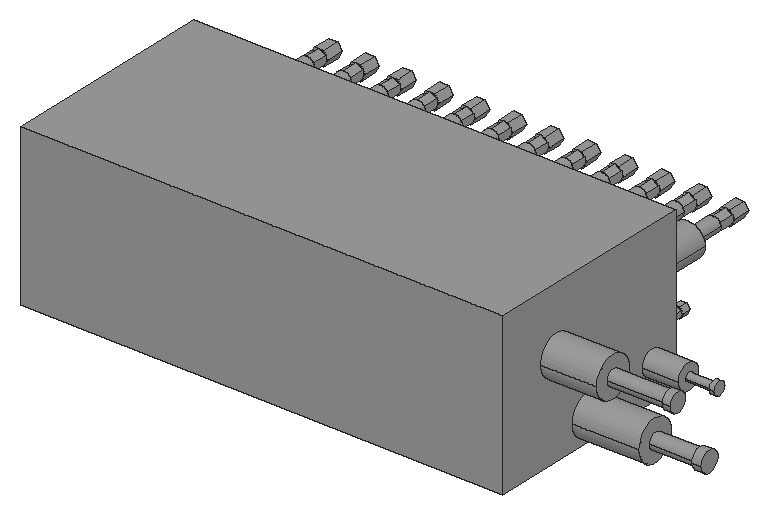
Revit family "BC_Hitachi_CH-BOX-CH-AP12MSSX_LOD200", category Equipement de génie climatique, Revit 2015
Parameters (values of type "CH-AP12MSSX")
  Refrigerant Liquid Pipe connections Diameter = 9.52 mm
  Refrigerant Gas Pipe connections Diameter = 15.88 mm
  Refrigerant Gas Low Pressure Diameter = 25.60 mm
  Refrigerant Liquid Diameter = 12.90 mm
  Rated Frequency (Hz) = "50"
  Product Code = "60292162"
  Overall Width = 783.00 mm
  Overall Height = 260.00 mm
  Overall Depth = 352.00 mm
  Nominal Voltage = 230 V
  Modèle = "Multi CH-Box"
  Material Pipe = Par défaut
  Material Connector = Par défaut
  Material Box = Par défaut
  Mass = 36.00 kg
  Gas Diameter = 25.40 mm
  Fabricant = "Hitachi"
  Description = "Multi CH-Box 12 branches"
  Commentaires du type = "CH-AP12MSSX"
  CALC_Refrigerant Gas Right = 89.00 mm
  CALC_Refrigerant Gas Low Pressure Diameter = Refrigerant Gas Low Pressure Diameter + 15.00 mm / 2  # 33.10 mm
  CALC_Refrigerant Gas L Left = 250.00 mm
  CALC_Refrigerant Gas HL Left = 200.00 mm
  CALC_Refrigerant Gas Diameter = Refrigerant Liquid Diameter + 15.00 mm / 2  # 20.40 mm
  CALC_BOX Width = 303.00 mm
Reference planes
  plane 1 "Centre (avant/arrière)": y = 0
  plane 2: z = 0
  plane 3 "Centre (gauche/droite)": x = 0
  plane 4: z = 260
  plane 5 "Back": y = 176
  plane 6 "Front": y = -176
  plane 7 "Left": x = -783
  plane 8: z = 155
  plane 9: z = 60
  plane 10: y = 375
  plane 11: y = 262
  plane 12: x = 110
  plane 13: x = 198
  plane 14: y = -4
  plane 15: z = 42
  plane 16: z = 156
  plane 17: y = -68
  plane 18: z = 60
  plane 19: y = 126
  plane 20: x = 61.245
  plane 21: x = 175.543
Forms (mm)
  Extrusion 1, solid, material "Par défaut" <- "Material Box"
    sketch origin (0, 0, 0) x (1, 0, 0) y (0, 1, 0)
      loop
        line (0, 176) -> (-783, 176) -> (-783, -176) -> (0, -176) -> (0, 176)
    from 0 to 260
  Extrusion 2, solid, material "Par défaut" <- "Material Pipe"
    sketch origin (0, 0, 75) x (0, 1, 0) y (0, 0, 1)
      loop
        circle (-4, -33) r 32.5
    from 0 to 110
  Extrusion 3, solid, material "Par défaut" <- "Material Pipe"
    sketch origin (0, 46.823, 0) x (0, 1, 0) y (0, 0, 1)
      loop
        circle (-114.823, 156) r 32.5
    from 0 to 92.169
  Extrusion 4, solid, material "Par défaut" <- "Material Pipe"
    sketch origin (0, 146.283, 43.123) x (0, 1, 0) y (0, 0, 1)
      loop
        circle (-20.283, 16.877) r 20
    from 0 to 59.808
  Extrusion 5, solid, material "Par défaut" <- "Material Connector"
    sketch origin (151.5, 0, 0) x (0, -1, 0) y (0, 0, 1)
      loop
        circle (68, 156) r 12.7
    from -33.5 to 59.331
  Extrusion 6, solid, material "Par défaut" <- "Material Connector"
    sketch origin (151.5, 0, 0) x (0, -1, 0) y (0, 0, 1)
      loop
        circle (68, 156) r 14.93
    from -46.5 to -33.5
  Extrusion 7, solid, material "Par défaut" <- "Material Connector"
    sketch origin (151.5, 0, 0) x (0, -1, 0) y (0, 0, 1)
      loop
        circle (4, 42) r 12.8
    from -31.308 to 41.5
  Extrusion 8, solid, material "Par défaut" <- "Material Connector"
    sketch origin (151.5, 0, 0) x (0, -1, 0) y (0, 0, 1)
      loop
        circle (4, 42) r 16.55
    from -46.5 to -31.308
  Extrusion 9, solid, material "Par défaut" <- "Material Connector"
    sketch origin (151.5, 0, 0) x (0, -1, 0) y (0, 0, 1)
      loop
        circle (-126, 60) r 6.45
    from 49.363 to 91.692
  Extrusion 10, solid, material "Par défaut" <- "Material Connector"
    sketch origin (151.5, 0, 0) x (0, -1, 0) y (0, 0, 1)
      loop
        circle (-126, 60) r 10.2
    from 41.5 to 49.363
Dimensions and locks
  "Overall Height": plane 4 to plane 2
  "Overall Width": plane 3 "Centre (gauche/droite)" to plane 7 "Left"
  "Overall Width": plane 7 "Left" to plane 3 "Centre (gauche/droite)"
  "Overall Depth": plane 5 "Back" to plane 6 "Front"
  equal spacing: plane 5 "Back", plane 1 "Centre (avant/arrière)", plane 6 "Front"
  plane 10 to plane 5 "Back" = 199.00 mm
  plane 11 to plane 5 "Back" = 86.00 mm
  locked: plane 7 "Left" to nested 1 at 67
  locked: plane 3 "Centre (gauche/droite)" to plane 12 at 110
  locked: plane 3 "Centre (gauche/droite)" to plane 13 at 198
  plane 5 "Back" to plane 19 = 50.00 mm
  plane 17 to plane 5 "Back" = 244.00 mm
  plane 14 to plane 5 "Back" = 180.00 mm
  plane 19 to plane 5 "Back" = 50.00 mm
  plane 16 to plane 2 = 156.00 mm
  plane 15 to plane 2 = 42.00 mm
  plane 18 to level = 60.00 mm
  plane 2 to plane 9 = 60.00 mm
  plane 2 to plane 8 = 155.00 mm
  nested 1 to nested 2 to nested 3 to nested 4 = 60.00 mm locked, 60.00 mm locked, 60.00 mm locked
  nested 5 to nested 6 to nested 7 to nested 8 = 60.00 mm locked, 60.00 mm locked, 60.00 mm locked
  nested 9 to nested 10 to nested 11 to nested 12 = 60.00 mm locked, 60.00 mm locked, 60.00 mm locked
  nested 13 to nested 14 to nested 15 to nested 16 = 60.00 mm locked, 60.00 mm locked, 60.00 mm locked
  locked: nested 4 to nested 13 at 60
  locked: nested 4 to nested 9 at 60
  nested 17 to nested 18 to nested 19 to nested 20 = 60.00 mm locked, 60.00 mm locked, 60.00 mm locked
  nested 21 to nested 22 to nested 23 to nested 24 = 60.00 mm locked, 60.00 mm locked, 60.00 mm locked
  locked: nested 12 to nested 17 at 60
  locked: nested 16 to nested 21 at 60
  "Refrigerant Gas Low Pressure Diameter": diameter of Extrusion 7 sketch curve
  "CALC_Refrigerant Gas Low Pressure Diameter": diameter of Extrusion 8 sketch curve
  diameter of Extrusion 2 sketch curve = 65.00 mm
  diameter of Extrusion 6 sketch curve = 29.86 mm
  "Gas Diameter": diameter of Extrusion 5 sketch curve
  diameter of Extrusion 3 sketch curve = 65.00 mm
  "CALC_Refrigerant Gas Diameter": diameter of Extrusion 10 sketch curve
  "Refrigerant Liquid Diameter": diameter of Extrusion 9 sketch curve
  aligned and locked: level to plane 2
  aligned and locked: plane 5 "Back" to Extrusion 1 sketch curve
  aligned and locked: plane 3 "Centre (gauche/droite)" to Extrusion 1 sketch curve
  aligned and locked: Extrusion 1 sketch curve to plane 6 "Front"
  aligned and locked: plane 7 "Left" to Extrusion 1 sketch curve
  aligned and locked: plane 4 to Extrusion 1
  aligned and locked: nested 5 to plane 9
  aligned and locked: nested 5 to nested 1
  aligned and locked: Extrusion 2 to plane 3 "Centre (gauche/droite)"
  aligned and locked: plane 15 to Extrusion 2 sketch curve
  aligned and locked: plane 14 to Extrusion 2 sketch curve
  aligned and locked: plane 16 to Extrusion 3 sketch curve
  aligned and locked: plane 17 to Extrusion 3 sketch curve
  aligned and locked: plane 19 to Extrusion 4 sketch curve
  aligned and locked: plane 18 to Extrusion 4 sketch curve
  aligned and locked: plane 5 "Back" to nested 1
  aligned and locked: plane 17 to Extrusion 5 sketch curve
  aligned and locked: plane 16 to Extrusion 5 sketch curve
  aligned and locked: plane 14 to Extrusion 8 sketch curve
  aligned and locked: plane 15 to Extrusion 8 sketch curve
  aligned and locked: plane 14 to Extrusion 7 sketch curve
  aligned and locked: plane 15 to Extrusion 7 sketch curve
  aligned and locked: plane 18 to Extrusion 9 sketch curve
  aligned and locked: plane 19 to Extrusion 9 sketch curve
  aligned and locked: plane 13 to Extrusion 8
  aligned and locked: plane 13 to Extrusion 6
  aligned and locked: nested 1 to plane 8
  aligned and locked: nested 2 to plane 8
  aligned and locked: nested 3 to plane 8
  aligned and locked: nested 4 to plane 8
  aligned and locked: nested 6 to plane 9
  aligned and locked: nested 7 to plane 9
  aligned and locked: nested 8 to plane 9
  aligned and locked: nested 13 to nested 9
  aligned and locked: nested 21 to nested 17
Automatic sketch dimensions
  Extrusion 6 sketch curve to plane 16 = 0.00 mm
  Extrusion 6 sketch curve to plane 17 = 0.00 mm
  Extrusion 10 sketch curve to plane 9 = 0.00 mm
  Extrusion 10 sketch curve to plane 19 = 0.00 mm
  radius of Extrusion 4 sketch curve = 20.00 mm
Nested families
  nested 1: "PIPES" at (-716, 176, 155) x (0, 1, 0) z (0, 0, 1), type "PIPES"
    with CALC_Screw TOP 2 28.366 mm, CALC_Screw TOP 1 25.467 mm, CALC_Screw Diam TOP 2 12.00 mm, CALC_Screw Diam TOP 11.00 mm, CALC_Screw Diam 11.00 mm, CALC_PipeDiam2 24.00 mm, CALC_PipeDiam1 55.00 mm, CALC_Pipe L2 51.555 mm, CALC_Pipe L1 93.613 mm
  nested 2: "PIPES" at (-656, 176, 155) x (0, 1, 0) z (0, 0, 1), type "PIPES"
    with CALC_Screw TOP 2 28.366 mm, CALC_Screw TOP 1 25.467 mm, CALC_Screw Diam TOP 2 12.00 mm, CALC_Screw Diam TOP 11.00 mm, CALC_Screw Diam 11.00 mm, CALC_PipeDiam2 24.00 mm, CALC_PipeDiam1 55.00 mm, CALC_Pipe L2 51.555 mm, CALC_Pipe L1 93.613 mm
  nested 3: "PIPES" at (-596, 176, 155) x (0, 1, 0) z (0, 0, 1), type "PIPES"
    with CALC_Screw TOP 2 28.366 mm, CALC_Screw TOP 1 25.467 mm, CALC_Screw Diam TOP 2 12.00 mm, CALC_Screw Diam TOP 11.00 mm, CALC_Screw Diam 11.00 mm, CALC_PipeDiam2 24.00 mm, CALC_PipeDiam1 55.00 mm, CALC_Pipe L2 51.555 mm, CALC_Pipe L1 93.613 mm
  nested 4: "PIPES" at (-536, 176, 155) x (0, 1, 0) z (0, 0, 1), type "PIPES"
    with CALC_Screw TOP 2 28.366 mm, CALC_Screw TOP 1 25.467 mm, CALC_Screw Diam TOP 2 12.00 mm, CALC_Screw Diam TOP 11.00 mm, CALC_Screw Diam 11.00 mm, CALC_PipeDiam2 24.00 mm, CALC_PipeDiam1 55.00 mm, CALC_Pipe L2 51.555 mm, CALC_Pipe L1 93.613 mm
  nested 5: "PIPES" at (-716, 176, 60) x (0, 1, 0) z (0, 0, 1), type "PIPES"
    with CALC_Screw TOP 2 15.179 mm, CALC_Screw TOP 1 12.708 mm, CALC_Screw Diam TOP 2 8.50 mm, CALC_Screw Diam TOP 0.00 mm, CALC_Screw Diam 8.00 mm, CALC_PipeDiam2 16.50 mm, CALC_PipeDiam1 17.00 mm, CALC_Pipe L2 1.975 mm, CALC_Pipe L1 56.139 mm
  nested 6: "PIPES" at (-656, 176, 60) x (0, 1, 0) z (0, 0, 1), type "PIPES"
    with CALC_Screw TOP 2 15.179 mm, CALC_Screw TOP 1 12.708 mm, CALC_Screw Diam TOP 2 8.50 mm, CALC_Screw Diam TOP 0.00 mm, CALC_Screw Diam 8.00 mm, CALC_PipeDiam2 16.50 mm, CALC_PipeDiam1 17.00 mm, CALC_Pipe L2 1.975 mm, CALC_Pipe L1 56.139 mm
  nested 7: "PIPES" at (-596, 176, 60) x (0, 1, 0) z (0, 0, 1), type "PIPES"
    with CALC_Screw TOP 2 15.179 mm, CALC_Screw TOP 1 12.708 mm, CALC_Screw Diam TOP 2 8.50 mm, CALC_Screw Diam TOP 0.00 mm, CALC_Screw Diam 8.00 mm, CALC_PipeDiam2 16.50 mm, CALC_PipeDiam1 17.00 mm, CALC_Pipe L2 1.975 mm, CALC_Pipe L1 56.139 mm
  nested 8: "PIPES" at (-536, 176, 60) x (0, 1, 0) z (0, 0, 1), type "PIPES"
    with CALC_Screw TOP 2 15.179 mm, CALC_Screw TOP 1 12.708 mm, CALC_Screw Diam TOP 2 8.50 mm, CALC_Screw Diam TOP 0.00 mm, CALC_Screw Diam 8.00 mm, CALC_PipeDiam2 16.50 mm, CALC_PipeDiam1 17.00 mm, CALC_Pipe L2 1.975 mm, CALC_Pipe L1 56.139 mm
  nested 9: "PIPES" at (-476, 176, 155) x (0, 1, 0) z (0, 0, 1), type "PIPES"
    with CALC_Screw TOP 2 28.366 mm, CALC_Screw TOP 1 25.467 mm, CALC_Screw Diam TOP 2 12.00 mm, CALC_Screw Diam TOP 11.00 mm, CALC_Screw Diam 11.00 mm, CALC_PipeDiam2 24.00 mm, CALC_PipeDiam1 55.00 mm, CALC_Pipe L2 51.555 mm, CALC_Pipe L1 93.613 mm
  nested 10: "PIPES" at (-416, 176, 155) x (0, 1, 0) z (0, 0, 1), type "PIPES"
    with CALC_Screw TOP 2 28.366 mm, CALC_Screw TOP 1 25.467 mm, CALC_Screw Diam TOP 2 12.00 mm, CALC_Screw Diam TOP 11.00 mm, CALC_Screw Diam 11.00 mm, CALC_PipeDiam2 24.00 mm, CALC_PipeDiam1 55.00 mm, CALC_Pipe L2 51.555 mm, CALC_Pipe L1 93.613 mm
  nested 11: "PIPES" at (-356, 176, 155) x (0, 1, 0) z (0, 0, 1), type "PIPES"
    with CALC_Screw TOP 2 28.366 mm, CALC_Screw TOP 1 25.467 mm, CALC_Screw Diam TOP 2 12.00 mm, CALC_Screw Diam TOP 11.00 mm, CALC_Screw Diam 11.00 mm, CALC_PipeDiam2 24.00 mm, CALC_PipeDiam1 55.00 mm, CALC_Pipe L2 51.555 mm, CALC_Pipe L1 93.613 mm
  nested 12: "PIPES" at (-296, 176, 155) x (0, 1, 0) z (0, 0, 1), type "PIPES"
    with CALC_Screw TOP 2 28.366 mm, CALC_Screw TOP 1 25.467 mm, CALC_Screw Diam TOP 2 12.00 mm, CALC_Screw Diam TOP 11.00 mm, CALC_Screw Diam 11.00 mm, CALC_PipeDiam2 24.00 mm, CALC_PipeDiam1 55.00 mm, CALC_Pipe L2 51.555 mm, CALC_Pipe L1 93.613 mm
  nested 13: "PIPES" at (-476, 176, 60) x (0, 1, 0) z (0, 0, 1), type "PIPES"
    with CALC_Screw TOP 2 15.179 mm, CALC_Screw TOP 1 12.708 mm, CALC_Screw Diam TOP 2 8.50 mm, CALC_Screw Diam TOP 0.00 mm, CALC_Screw Diam 8.00 mm, CALC_PipeDiam2 16.50 mm, CALC_PipeDiam1 17.00 mm, CALC_Pipe L2 1.975 mm, CALC_Pipe L1 56.139 mm
  nested 14: "PIPES" at (-416, 176, 60) x (0, 1, 0) z (0, 0, 1), type "PIPES"
    with CALC_Screw TOP 2 15.179 mm, CALC_Screw TOP 1 12.708 mm, CALC_Screw Diam TOP 2 8.50 mm, CALC_Screw Diam TOP 0.00 mm, CALC_Screw Diam 8.00 mm, CALC_PipeDiam2 16.50 mm, CALC_PipeDiam1 17.00 mm, CALC_Pipe L2 1.975 mm, CALC_Pipe L1 56.139 mm
  nested 15: "PIPES" at (-356, 176, 60) x (0, 1, 0) z (0, 0, 1), type "PIPES"
    with CALC_Screw TOP 2 15.179 mm, CALC_Screw TOP 1 12.708 mm, CALC_Screw Diam TOP 2 8.50 mm, CALC_Screw Diam TOP 0.00 mm, CALC_Screw Diam 8.00 mm, CALC_PipeDiam2 16.50 mm, CALC_PipeDiam1 17.00 mm, CALC_Pipe L2 1.975 mm, CALC_Pipe L1 56.139 mm
  nested 16: "PIPES" at (-296, 176, 60) x (0, 1, 0) z (0, 0, 1), type "PIPES"
    with CALC_Screw TOP 2 15.179 mm, CALC_Screw TOP 1 12.708 mm, CALC_Screw Diam TOP 2 8.50 mm, CALC_Screw Diam TOP 0.00 mm, CALC_Screw Diam 8.00 mm, CALC_PipeDiam2 16.50 mm, CALC_PipeDiam1 17.00 mm, CALC_Pipe L2 1.975 mm, CALC_Pipe L1 56.139 mm
  nested 17: "PIPES" at (-236, 176, 155) x (0, 1, 0) z (0, 0, 1), type "PIPES"
    with CALC_Screw TOP 2 28.366 mm, CALC_Screw TOP 1 25.467 mm, CALC_Screw Diam TOP 2 12.00 mm, CALC_Screw Diam TOP 11.00 mm, CALC_Screw Diam 11.00 mm, CALC_PipeDiam2 24.00 mm, CALC_PipeDiam1 55.00 mm, CALC_Pipe L2 51.555 mm, CALC_Pipe L1 93.613 mm
  nested 18: "PIPES" at (-176, 176, 155) x (0, 1, 0) z (0, 0, 1), type "PIPES"
    with CALC_Screw TOP 2 28.366 mm, CALC_Screw TOP 1 25.467 mm, CALC_Screw Diam TOP 2 12.00 mm, CALC_Screw Diam TOP 11.00 mm, CALC_Screw Diam 11.00 mm, CALC_PipeDiam2 24.00 mm, CALC_PipeDiam1 55.00 mm, CALC_Pipe L2 51.555 mm, CALC_Pipe L1 93.613 mm
  nested 19: "PIPES" at (-116, 176, 155) x (0, 1, 0) z (0, 0, 1), type "PIPES"
    with CALC_Screw TOP 2 28.366 mm, CALC_Screw TOP 1 25.467 mm, CALC_Screw Diam TOP 2 12.00 mm, CALC_Screw Diam TOP 11.00 mm, CALC_Screw Diam 11.00 mm, CALC_PipeDiam2 24.00 mm, CALC_PipeDiam1 55.00 mm, CALC_Pipe L2 51.555 mm, CALC_Pipe L1 93.613 mm
  nested 20: "PIPES" at (-56, 176, 155) x (0, 1, 0) z (0, 0, 1), type "PIPES"
    with CALC_Screw TOP 2 28.366 mm, CALC_Screw TOP 1 25.467 mm, CALC_Screw Diam TOP 2 12.00 mm, CALC_Screw Diam TOP 11.00 mm, CALC_Screw Diam 11.00 mm, CALC_PipeDiam2 24.00 mm, CALC_PipeDiam1 55.00 mm, CALC_Pipe L2 51.555 mm, CALC_Pipe L1 93.613 mm
  nested 21: "PIPES" at (-236, 176, 60) x (0, 1, 0) z (0, 0, 1), type "PIPES"
    with CALC_Screw TOP 2 15.179 mm, CALC_Screw TOP 1 12.708 mm, CALC_Screw Diam TOP 2 8.50 mm, CALC_Screw Diam TOP 0.00 mm, CALC_Screw Diam 8.00 mm, CALC_PipeDiam2 16.50 mm, CALC_PipeDiam1 17.00 mm, CALC_Pipe L2 1.975 mm, CALC_Pipe L1 56.139 mm
  nested 22: "PIPES" at (-176, 176, 60) x (0, 1, 0) z (0, 0, 1), type "PIPES"
    with CALC_Screw TOP 2 15.179 mm, CALC_Screw TOP 1 12.708 mm, CALC_Screw Diam TOP 2 8.50 mm, CALC_Screw Diam TOP 0.00 mm, CALC_Screw Diam 8.00 mm, CALC_PipeDiam2 16.50 mm, CALC_PipeDiam1 17.00 mm, CALC_Pipe L2 1.975 mm, CALC_Pipe L1 56.139 mm
  nested 23: "PIPES" at (-116, 176, 60) x (0, 1, 0) z (0, 0, 1), type "PIPES"
    with CALC_Screw TOP 2 15.179 mm, CALC_Screw TOP 1 12.708 mm, CALC_Screw Diam TOP 2 8.50 mm, CALC_Screw Diam TOP 0.00 mm, CALC_Screw Diam 8.00 mm, CALC_PipeDiam2 16.50 mm, CALC_PipeDiam1 17.00 mm, CALC_Pipe L2 1.975 mm, CALC_Pipe L1 56.139 mm
  nested 24: "PIPES" at (-56, 176, 60) x (0, 1, 0) z (0, 0, 1), type "PIPES"
    with CALC_Screw TOP 2 15.179 mm, CALC_Screw TOP 1 12.708 mm, CALC_Screw Diam TOP 2 8.50 mm, CALC_Screw Diam TOP 0.00 mm, CALC_Screw Diam 8.00 mm, CALC_PipeDiam2 16.50 mm, CALC_PipeDiam1 17.00 mm, CALC_Pipe L2 1.975 mm, CALC_Pipe L1 56.139 mm
Connectors
  piping at (198, -68, 156), diameter 25.4, driven by "Gas Diameter"
    settings: on Extrusion 6, index 1, connector inside diameter 609.6 mm, connector length 0.00 mm, flow factor 0, pipe flow 0.0 L/s, pressure drop 0.0 Pa, fitting loss kfactor 0, connector angle 0.00°, fixture units 0, engagement length 0.00 mm, angle of deflection 0.00°, flow configuration 0, flow direction 0, fitting loss method 0, system type 22, joint type 0, gender type 0, connector reference index -1, connector utility 0, adjustable connector no, is connector primary yes, connector description "Refrigerant gas High/Low Pressure"
  piping at (198, -4, 42), diameter 25.6, driven by "Refrigerant Gas Low Pressure Diameter"
    settings: on Extrusion 8, index 2, connector inside diameter 609.6 mm, connector length 0.00 mm, flow factor 0, pipe flow 0.0 L/s, pressure drop 0.0 Pa, fitting loss kfactor 0, connector angle 0.00°, fixture units 0, engagement length 0.00 mm, angle of deflection 0.00°, flow configuration 0, flow direction 0, fitting loss method 0, system type 22, joint type 0, gender type 0, connector reference index -1, connector utility 0, adjustable connector no, is connector primary no, connector description "Refrigerant gas Low Pressure"
  piping at (110, 126, 60), diameter 12.9, driven by "Refrigerant Liquid Diameter"
    settings: on Extrusion 10, index 3, connector inside diameter 609.6 mm, connector length 0.00 mm, flow factor 0, pipe flow 0.0 L/s, pressure drop 0.0 Pa, fitting loss kfactor 0, connector angle 0.00°, fixture units 0, engagement length 0.00 mm, angle of deflection 0.00°, flow configuration 0, flow direction 0, fitting loss method 0, system type 22, joint type 0, gender type 0, connector reference index -1, connector utility 0, adjustable connector no, is connector primary no, connector description "Refrigerant Liquid"
  piping at (-536, 375, 155), diameter 15.88, driven by "Refrigerant Gas Pipe connections Diameter"
    settings: on nested 4, index 4, connector inside diameter 609.6 mm, connector length 0.00 mm, flow factor 0, pipe flow 0.0 L/s, pressure drop 0.0 Pa, fitting loss kfactor 0, connector angle 0.00°, fixture units 0, engagement length 0.00 mm, angle of deflection 0.00°, flow configuration 0, flow direction 0, fitting loss method 0, system type 22, joint type 0, gender type 0, connector reference index -1, connector utility 0, adjustable connector no, is connector primary no, connector description "Refrigerant Gas Pipe D"
  piping at (-596, 375, 155), diameter 15.88, driven by "Refrigerant Gas Pipe connections Diameter"
    settings: on nested 3, index 5, connector inside diameter 609.6 mm, connector length 0.00 mm, flow factor 0, pipe flow 0.0 L/s, pressure drop 0.0 Pa, fitting loss kfactor 0, connector angle 0.00°, fixture units 0, engagement length 0.00 mm, angle of deflection 0.00°, flow configuration 0, flow direction 0, fitting loss method 0, system type 22, joint type 0, gender type 0, connector reference index -1, connector utility 0, adjustable connector no, is connector primary no, connector description "Refrigerant Gas Pipe C"
  piping at (-656, 375, 155), diameter 15.88, driven by "Refrigerant Gas Pipe connections Diameter"
    settings: on nested 2, index 6, connector inside diameter 609.6 mm, connector length 0.00 mm, flow factor 0, pipe flow 0.0 L/s, pressure drop 0.0 Pa, fitting loss kfactor 0, connector angle 0.00°, fixture units 0, engagement length 0.00 mm, angle of deflection 0.00°, flow configuration 0, flow direction 0, fitting loss method 0, system type 22, joint type 0, gender type 0, connector reference index -1, connector utility 0, adjustable connector no, is connector primary no, connector description "Refrigerant Gas Pipe B"
  piping at (-716, 375, 155), diameter 15.88, driven by "Refrigerant Gas Pipe connections Diameter"
    settings: on nested 1, index 7, connector inside diameter 609.6 mm, connector length 0.00 mm, flow factor 0, pipe flow 0.0 L/s, pressure drop 0.0 Pa, fitting loss kfactor 0, connector angle 0.00°, fixture units 0, engagement length 0.00 mm, angle of deflection 0.00°, flow configuration 0, flow direction 0, fitting loss method 0, system type 22, joint type 0, gender type 0, connector reference index -1, connector utility 0, adjustable connector no, is connector primary no, connector description "Refrigerant Gas Pipe A"
  piping at (-716, 262, 60), diameter 9.52, driven by "Refrigerant Liquid Pipe connections Diameter"
    settings: on nested 5, index 8, connector inside diameter 609.6 mm, connector length 0.00 mm, flow factor 0, pipe flow 0.0 L/s, pressure drop 0.0 Pa, fitting loss kfactor 0, connector angle 0.00°, fixture units 0, engagement length 0.00 mm, angle of deflection 0.00°, flow configuration 0, flow direction 0, fitting loss method 0, system type 22, joint type 0, gender type 0, connector reference index -1, connector utility 0, adjustable connector no, is connector primary no, connector description "Refrigerant Liquid Pipe A"
  piping at (-656, 262, 60), diameter 9.52, driven by "Refrigerant Liquid Pipe connections Diameter"
    settings: on nested 6, index 9, connector inside diameter 609.6 mm, connector length 0.00 mm, flow factor 0, pipe flow 0.0 L/s, pressure drop 0.0 Pa, fitting loss kfactor 0, connector angle 0.00°, fixture units 0, engagement length 0.00 mm, angle of deflection 0.00°, flow configuration 0, flow direction 0, fitting loss method 0, system type 22, joint type 0, gender type 0, connector reference index -1, connector utility 0, adjustable connector no, is connector primary no, connector description "Refrigerant Liquid Pipe B"
  piping at (-596, 262, 60), diameter 9.52, driven by "Refrigerant Liquid Pipe connections Diameter"
    settings: on nested 7, index 10, connector inside diameter 609.6 mm, connector length 0.00 mm, flow factor 0, pipe flow 0.0 L/s, pressure drop 0.0 Pa, fitting loss kfactor 0, connector angle 0.00°, fixture units 0, engagement length 0.00 mm, angle of deflection 0.00°, flow configuration 0, flow direction 0, fitting loss method 0, system type 22, joint type 0, gender type 0, connector reference index -1, connector utility 0, adjustable connector no, is connector primary no, connector description "Refrigerant Liquid Pipe C"
  piping at (-536, 262, 60), diameter 9.52, driven by "Refrigerant Liquid Pipe connections Diameter"
    settings: on nested 8, index 11, connector inside diameter 609.6 mm, connector length 0.00 mm, flow factor 0, pipe flow 0.0 L/s, pressure drop 0.0 Pa, fitting loss kfactor 0, connector angle 0.00°, fixture units 0, engagement length 0.00 mm, angle of deflection 0.00°, flow configuration 0, flow direction 0, fitting loss method 0, system type 22, joint type 0, gender type 0, connector reference index -1, connector utility 0, adjustable connector no, is connector primary no, connector description "Refrigerant Liquid Pipe Connections"
  piping at (-296, 375, 155), diameter 15.88, driven by "Refrigerant Gas Pipe connections Diameter"
    settings: on nested 12, index 12, connector inside diameter 609.6 mm, connector length 0.00 mm, flow factor 0, pipe flow 0.0 L/s, pressure drop 0.0 Pa, fitting loss kfactor 0, connector angle 0.00°, fixture units 0, engagement length 0.00 mm, angle of deflection 0.00°, flow configuration 0, flow direction 0, fitting loss method 0, system type 22, joint type 0, gender type 0, connector reference index -1, connector utility 0, adjustable connector no, is connector primary no, connector description "Refrigerant Gas Pipe H"
  piping at (-356, 375, 155), diameter 15.88, driven by "Refrigerant Gas Pipe connections Diameter"
    settings: on nested 11, index 13, connector inside diameter 609.6 mm, connector length 0.00 mm, flow factor 0, pipe flow 0.0 L/s, pressure drop 0.0 Pa, fitting loss kfactor 0, connector angle 0.00°, fixture units 0, engagement length 0.00 mm, angle of deflection 0.00°, flow configuration 0, flow direction 0, fitting loss method 0, system type 22, joint type 0, gender type 0, connector reference index -1, connector utility 0, adjustable connector no, is connector primary no, connector description "Refrigerant Gas Pipe G"
  piping at (-416, 375, 155), diameter 15.88, driven by "Refrigerant Gas Pipe connections Diameter"
    settings: on nested 10, index 14, connector inside diameter 609.6 mm, connector length 0.00 mm, flow factor 0, pipe flow 0.0 L/s, pressure drop 0.0 Pa, fitting loss kfactor 0, connector angle 0.00°, fixture units 0, engagement length 0.00 mm, angle of deflection 0.00°, flow configuration 0, flow direction 0, fitting loss method 0, system type 22, joint type 0, gender type 0, connector reference index -1, connector utility 0, adjustable connector no, is connector primary no, connector description "Refrigerant Gas Pipe F"
  piping at (-476, 375, 155), diameter 15.88, driven by "Refrigerant Gas Pipe connections Diameter"
    settings: on nested 9, index 15, connector inside diameter 609.6 mm, connector length 0.00 mm, flow factor 0, pipe flow 0.0 L/s, pressure drop 0.0 Pa, fitting loss kfactor 0, connector angle 0.00°, fixture units 0, engagement length 0.00 mm, angle of deflection 0.00°, flow configuration 0, flow direction 0, fitting loss method 0, system type 22, joint type 0, gender type 0, connector reference index -1, connector utility 0, adjustable connector no, is connector primary no, connector description "Refrigerant Gas Pipe E"
  piping at (-476, 262, 60), diameter 9.52, driven by "Refrigerant Liquid Pipe connections Diameter"
    settings: on nested 13, index 16, connector inside diameter 609.6 mm, connector length 0.00 mm, flow factor 0, pipe flow 0.0 L/s, pressure drop 0.0 Pa, fitting loss kfactor 0, connector angle 0.00°, fixture units 0, engagement length 0.00 mm, angle of deflection 0.00°, flow configuration 0, flow direction 0, fitting loss method 0, system type 22, joint type 0, gender type 0, connector reference index -1, connector utility 0, adjustable connector no, is connector primary no, connector description ""
  piping at (-416, 262, 60), diameter 9.52, driven by "Refrigerant Liquid Pipe connections Diameter"
    settings: on nested 14, index 17, connector inside diameter 609.6 mm, connector length 0.00 mm, flow factor 0, pipe flow 0.0 L/s, pressure drop 0.0 Pa, fitting loss kfactor 0, connector angle 0.00°, fixture units 0, engagement length 0.00 mm, angle of deflection 0.00°, flow configuration 0, flow direction 0, fitting loss method 0, system type 22, joint type 0, gender type 0, connector reference index -1, connector utility 0, adjustable connector no, is connector primary no, connector description ""
  piping at (-356, 262, 60), diameter 9.52, driven by "Refrigerant Liquid Pipe connections Diameter"
    settings: on nested 15, index 18, connector inside diameter 609.6 mm, connector length 0.00 mm, flow factor 0, pipe flow 0.0 L/s, pressure drop 0.0 Pa, fitting loss kfactor 0, connector angle 0.00°, fixture units 0, engagement length 0.00 mm, angle of deflection 0.00°, flow configuration 0, flow direction 0, fitting loss method 0, system type 22, joint type 0, gender type 0, connector reference index -1, connector utility 0, adjustable connector no, is connector primary no, connector description ""
  piping at (-296, 262, 60), diameter 9.52, driven by "Refrigerant Liquid Pipe connections Diameter"
    settings: on nested 16, index 19, connector inside diameter 609.6 mm, connector length 0.00 mm, flow factor 0, pipe flow 0.0 L/s, pressure drop 0.0 Pa, fitting loss kfactor 0, connector angle 0.00°, fixture units 0, engagement length 0.00 mm, angle of deflection 0.00°, flow configuration 0, flow direction 0, fitting loss method 0, system type 22, joint type 0, gender type 0, connector reference index -1, connector utility 0, adjustable connector no, is connector primary no, connector description ""
  piping at (-176, 375, 155), diameter 15.88, driven by "Refrigerant Gas Pipe connections Diameter"
    settings: on nested 18, index 20, connector inside diameter 609.6 mm, connector length 0.00 mm, flow factor 0, pipe flow 0.0 L/s, pressure drop 0.0 Pa, fitting loss kfactor 0, connector angle 0.00°, fixture units 0, engagement length 0.00 mm, angle of deflection 0.00°, flow configuration 0, flow direction 0, fitting loss method 0, system type 22, joint type 0, gender type 0, connector reference index -1, connector utility 0, adjustable connector no, is connector primary no, connector description "Refrigerant Gas Pipe J"
  piping at (-236, 375, 155), diameter 15.88, driven by "Refrigerant Gas Pipe connections Diameter"
    settings: on nested 17, index 21, connector inside diameter 609.6 mm, connector length 0.00 mm, flow factor 0, pipe flow 0.0 L/s, pressure drop 0.0 Pa, fitting loss kfactor 0, connector angle 0.00°, fixture units 0, engagement length 0.00 mm, angle of deflection 0.00°, flow configuration 0, flow direction 0, fitting loss method 0, system type 22, joint type 0, gender type 0, connector reference index -1, connector utility 0, adjustable connector no, is connector primary no, connector description "Refrigerant Gas Pipe I"
  piping at (-236, 262, 60), diameter 9.52, driven by "Refrigerant Liquid Pipe connections Diameter"
    settings: on nested 21, index 22, connector inside diameter 609.6 mm, connector length 0.00 mm, flow factor 0, pipe flow 0.0 L/s, pressure drop 0.0 Pa, fitting loss kfactor 0, connector angle 0.00°, fixture units 0, engagement length 0.00 mm, angle of deflection 0.00°, flow configuration 0, flow direction 0, fitting loss method 0, system type 22, joint type 0, gender type 0, connector reference index -1, connector utility 0, adjustable connector no, is connector primary no, connector description ""
  piping at (-176, 262, 60), diameter 9.52, driven by "Refrigerant Liquid Pipe connections Diameter"
    settings: on nested 22, index 23, connector inside diameter 609.6 mm, connector length 0.00 mm, flow factor 0, pipe flow 0.0 L/s, pressure drop 0.0 Pa, fitting loss kfactor 0, connector angle 0.00°, fixture units 0, engagement length 0.00 mm, angle of deflection 0.00°, flow configuration 0, flow direction 0, fitting loss method 0, system type 22, joint type 0, gender type 0, connector reference index -1, connector utility 0, adjustable connector no, is connector primary no, connector description ""
  piping at (-116, 375, 155), diameter 15.88, driven by "Refrigerant Gas Pipe connections Diameter"
    settings: on nested 19, index 24, connector inside diameter 609.6 mm, connector length 0.00 mm, flow factor 0, pipe flow 0.0 L/s, pressure drop 0.0 Pa, fitting loss kfactor 0, connector angle 0.00°, fixture units 0, engagement length 0.00 mm, angle of deflection 0.00°, flow configuration 0, flow direction 0, fitting loss method 0, system type 22, joint type 0, gender type 0, connector reference index -1, connector utility 0, adjustable connector no, is connector primary no, connector description ""
  piping at (-56, 375, 155), diameter 15.88, driven by "Refrigerant Gas Pipe connections Diameter"
    settings: on nested 20, index 25, connector inside diameter 609.6 mm, connector length 0.00 mm, flow factor 0, pipe flow 0.0 L/s, pressure drop 0.0 Pa, fitting loss kfactor 0, connector angle 0.00°, fixture units 0, engagement length 0.00 mm, angle of deflection 0.00°, flow configuration 0, flow direction 0, fitting loss method 0, system type 22, joint type 0, gender type 0, connector reference index -1, connector utility 0, adjustable connector no, is connector primary no, connector description ""
  piping at (-56, 262, 60), diameter 9.52, driven by "Refrigerant Liquid Pipe connections Diameter"
    settings: on nested 24, index 26, connector inside diameter 609.6 mm, connector length 0.00 mm, flow factor 0, pipe flow 0.0 L/s, pressure drop 0.0 Pa, fitting loss kfactor 0, connector angle 0.00°, fixture units 0, engagement length 0.00 mm, angle of deflection 0.00°, flow configuration 0, flow direction 0, fitting loss method 0, system type 22, joint type 0, gender type 0, connector reference index -1, connector utility 0, adjustable connector no, is connector primary no, connector description ""
  piping at (-116, 262, 60), diameter 9.52, driven by "Refrigerant Liquid Pipe connections Diameter"
    settings: on nested 23, index 27, connector inside diameter 609.6 mm, connector length 0.00 mm, flow factor 0, pipe flow 0.0 L/s, pressure drop 0.0 Pa, fitting loss kfactor 0, connector angle 0.00°, fixture units 0, engagement length 0.00 mm, angle of deflection 0.00°, flow configuration 0, flow direction 0, fitting loss method 0, system type 22, joint type 0, gender type 0, connector reference index -1, connector utility 0, adjustable connector no, is connector primary no, connector description ""
Definition of nested family "PIPES"
  Parameters (values of type "PIPES")
    Material Screw = none
    Material Pipe = none
    Default Elevation = 1219.20 mm
    CALC_Screw TOP 2 [instance] = 70.00 mm
    CALC_Screw TOP 1 [instance] = 107.333 mm
    CALC_Screw Diam TOP 2 [instance] = 25.00 mm
    CALC_Screw Diam TOP [instance] = 35.00 mm
    CALC_Screw Diam [instance] = 15.00 mm
    CALC_PipeDiam2 [instance] = 20.00 mm
    CALC_PipeDiam1 [instance] = 30.00 mm
    CALC_Pipe L2 [instance] = 75.447 mm
    CALC_Pipe L1 [instance] = 38.00 mm
    CALC_Angle Screw = 120.00°
  Reference planes
    plane 1 "Centre (avant/arrière)": y = 0
    plane 2: z = 0
    plane 3 "Centre (gauche/droite)": x = 0
    plane 4: x = 38
    plane 5: x = 220.781
    plane 6: x = 290.781
    plane 7: x = 113.447
  Forms (mm)
    Extrusion 1, solid, material <- "Material Pipe"
      sketch origin (0, 0, 0) x (0, 1, 0) y (0, 0, 1)
        loop
          circle (0, 0) r 15
      from 0 to 38
    Extrusion 2, solid, material <- "Material Screw"
      sketch origin (0, 0, 0) x (0, 1, 0) y (0, 0, 1)
        loop
          line (0, 17.321) -> (-15, 8.66) -> (-15, -8.66) -> (0, -17.321) -> (15, -8.66) -> (15, 8.66) -> (0, 17.321)
      from 113.447 to 220.781
    Extrusion 3, solid, material <- "Material Screw"
      sketch origin (0, 0, 0) x (0, 1, 0) y (0, 0, 1)
        loop
          line (28.868, 0) -> (14.434, 25) -> (-14.434, 25) -> (-28.868, 0) -> (-14.434, -25) -> (14.434, -25) -> (28.868, 0)
      from 220.781 to 290.781
    Extrusion 4, solid, material <- "Material Pipe"
      sketch origin (0, 0, 0) x (0, 1, 0) y (0, 0, 1)
        loop
          circle (0, 0) r 10
      from 38 to 113.447
  Dimensions and locks
    "CALC_Screw Diam": Extrusion 2 sketch curve to plane 1 "Centre (avant/arrière)"  (x5)
    "CALC_Screw Diam": plane 1 "Centre (avant/arrière)" to Extrusion 2 sketch curve
    "CALC_Screw Diam TOP 2": Extrusion 3 sketch curve to plane 1 "Centre (avant/arrière)"  (x5)
    "CALC_Screw Diam TOP 2": Extrusion 3 sketch curve to plane 2
    "CALC_Pipe L1": plane 3 "Centre (gauche/droite)" to plane 4
    "CALC_Pipe L2": plane 4 to plane 7
    "CALC_Screw TOP 1": plane 7 to plane 5
    "CALC_Screw TOP 2": plane 5 to plane 6
    "CALC_PipeDiam1": diameter of Extrusion 1 sketch curve
    "CALC_PipeDiam2": diameter of Extrusion 4 sketch curve
    "CALC_Angle Screw": angle Extrusion 2 sketch curve to Extrusion 2 sketch curve  (x3)
    "CALC_Angle Screw": angle Extrusion 3 sketch curve to Extrusion 3 sketch curve  (x3)
    aligned and locked: level to plane 2
    aligned and locked: Extrusion 3 to plane 6
    aligned and locked: plane 5 to Extrusion 3
    aligned and locked: Extrusion 2 to plane 5
    aligned and locked: plane 4 to Extrusion 1
    aligned and locked: plane 4 to Extrusion 4
    aligned and locked: Extrusion 4 to plane 7
    aligned and locked: plane 7 to Extrusion 2
  Automatic sketch dimensions
    Extrusion 1 sketch curve to level = 0.00 mm
    Extrusion 1 sketch curve to plane 1 "Centre (avant/arrière)" = 0.00 mm
    Extrusion 2 sketch curve to plane 1 "Centre (avant/arrière)" = 0.00 mm
    Extrusion 3 sketch curve to level = 0.00 mm
    Extrusion 4 sketch curve to level = 0.00 mm
    Extrusion 4 sketch curve to plane 1 "Centre (avant/arrière)" = 0.00 mm
